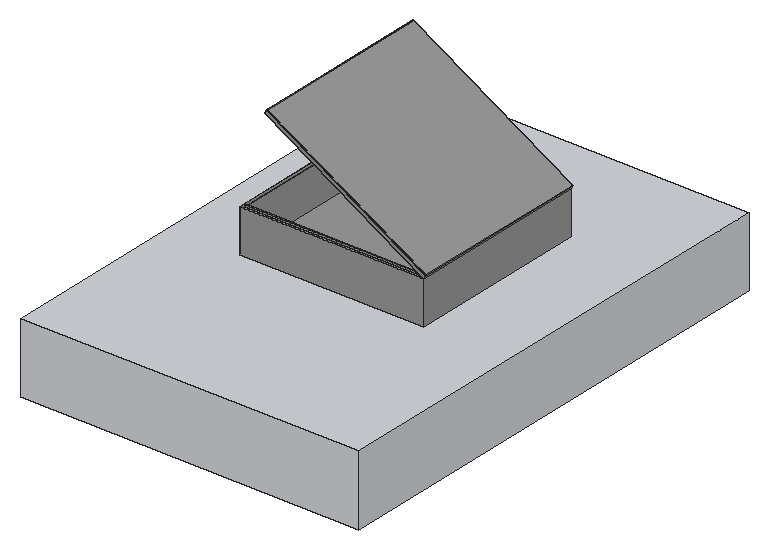
Revit family "Hager-Univers-IP44-D205-H800-Cl.I-Encl-CH-de", category Equipement électrique, Revit 2020
Family settings
  Hôte = Face
  Configuration du panneau = Deux colonnes, circuits au sein
  Cote de connecteur circulaire = Utiliser le diamètre
  Type d'élément = Tableau de raccordement
  Couper avec des vides une fois chargée = Non
  Partagée = Non
  Point de calcul de pièce = Non
Parameters (values of type "Aufputz IP44 B800 H800 T205  - FP53TN2")
  Width Control [instance] = if([EF000008 - Breite] > Min Width, [EF000008 - Breite], Min Width)  # 800 mm
  Commentaires du type = [HG000003 - Bereich]  # "Univers"
  Thickness Door [instance] = if([EF009171 - Materialstärke Tür/Deckel] > 3 mm, 3 mm, [EF009171 - Materialstärke Tür/Deckel])  # 1 mm
  Seal Frame Offset [instance] = 17 mm  # constant formula
  Plinth Visibility [instance] = [HG000027 - Sockelhöhe] > 0 mm  # no
  Model = ""
  Min Width [instance] = 100 mm  # constant formula
  Min Height [instance] = 100 mm  # constant formula
  Min Depth [instance] = (2 * [EF009170 - Materialstärke Gehäuse]) + 1 mm  # 3 mm
  Internal Frame Depth [instance] = (Door System Depth * 0.5)  # 9 mm
  Height Control [instance] = if([EF000040 - Höhe] > Min Height, [EF000040 - Höhe], Min Height)  # 800 mm
  HG000027 - Sockelhöhe = 0 mm
  HG000026 - Stehend auf dem Boden = no
  HG000024 - Höhe des unteren Teils = 800 mm
  HG000023 - Gehäuse mit doppeltem Querschnitt = no
  HG000016 - 3D-Türsichtbarkeit [instance] = yes
  HG000015 - Sichtbarkeit der Türöffnung [instance] = no
  HG000014 - Tür rechts [instance] = yes
  HG000013 - Tür links [instance] = not([HG000014 - Tür rechts])  # no
  HG000012 - Türschwenkwinkel [instance] = 30.00°
  HG000010 - Asymmetrische Türen = no
  HG000009 - Doppelflügeligen Tür = no
  HG000006 - Unterputz = no
  HG000004 - Herstellerreferenz = "FP53TN2"
  HG000003 - Bereich = "Univers"
  HG000002 - Mit tür = yes
  Frame Offset Bottom [instance] = 10 mm  # constant formula
  Frame Offset [instance] = 15 mm  # constant formula
  EF015940 - Deckel mit Überdruckentlastung = no
  EF011959 - Schutzart (NEMA) = ""
  EF009554 - Anzahl der Öffnungen für Flanschplatten = 6
  Fabricant = "Hager"  # constant formula
  EF009212 - Ausführung Deckel = "EV000116 - geschlossen"
  EF009171 - Materialstärke Tür/Deckel = 1 mm
  EF009170 - Materialstärke Gehäuse = 1 mm
  EF008873 - Nennstrom (In) = 250 A
  EF007800 - Geeignet für Blitzschutz = no
  EF006306 - Mit Schloss = no
  EF006244 - Transparenter Deckel/Tür = no
  EF005474 - Schutzart (IP) = "EV006418 - IP44"
  EF004464 - Art der Tür = "EV002646 - Einzel"
  EF004427 - Anzahl der Module = 180
  EF004293 - Schlagfestigkeit = "EV006815 - IK09"
  EF003532 - Geeignet für Außengebrauch = no
  EF002950 - Breite in Teilungseinheiten = 36
  EF001613 - Funktionserhalt = "EV000494 - ohne"
  EF001596 - Werkstoff des Gehäuses = "EV000179 - Stahl"
  EF001131 - Innentiefe = 205 mm
  EF001088 - Anbaumöglichkeit = yes
  EF000437 - Anzahl der Leitungseinführungen = 6
  EF000339 - Art der Abdeckung = "EV001012 - Deckel"
  EF000266 - Anzahl der Reihen = 5
  EF000218 - Einbautiefe = 205 mm
  EF000118 - Mit Montageplatte = no
  EF000116 - RAL-Nummer = "9010"
  EF000049 - Tiefe = 205 mm
  EF000040 - Höhe = 800 mm
  EF000008 - Breite = 800 mm
  EF000007 - Farbe = "EV000202 - weiß"
  EF000003 - Montageart = "EV000384 - Aufputz"
  Door System Leaf Tolerance [instance] = 1.5 mm  # constant formula
  Door System Depth [instance] = 18 mm  # constant formula
  Door Height [instance] = Height Control - [HG000027 - Sockelhöhe]  # 800 mm
  Depth Control [instance] = if([EF000049 - Tiefe] > Min Depth, [EF000049 - Tiefe], Min Depth)  # 205 mm
  Default Elevation = 0 mm
  Connector Offset [instance] = Height Control / 2  # 400 mm
  Bottom Top Plate Trim [instance] = 1.5 mm  # constant formula
  Plinth height Ctrl [instance] = if([HG000027 - Sockelhöhe] > 0 mm, [HG000027 - Sockelhöhe], 12 mm)  # 12 mm
Types (10, lengths in mm): name | Width Control | HG000010 - Asymmetrische Türen | HG000009 - Doppelflügeligen Tür | HG000004 - Herstellerreferenz | EF009554 - Anzahl der Öffnungen für Flanschplatten | EF004464 - Art der Tür | EF004427 - Anzahl der Module | EF002950 - Breite in Teilungseinheiten | EF000437 - Anzahl der Leitungseinführungen | EF000218 - Einbautiefe | EF000008 - Breite
  Aufputz IP44 B1050 H800 T205  - FP54QT | 1050 | no | no | "FP54QT" | 8 | "EV003602 - Doppel" | 240 | 48 | 8 | 0 | 1050
  Aufputz IP44 B1050 H800 T205  - FP54TN2 | 1050 | no | yes | "FP54TN2" | 8 | "EV003602 - Doppel" | 240 | 48 | 8 | 205 | 1050
  Aufputz IP44 B1300 H800 T205  - FP55QT | 1300 | no | no | "FP55QT" | 10 | "EV003602 - Doppel" | 300 | 60 | 10 | 0 | 1300
  Aufputz IP44 B1300 H800 T205  - FP55TN2 | 1300 | yes | yes | "FP55TN2" | 10 | "EV003602 - Doppel" | 300 | 60 | 10 | 205 | 1300
  Aufputz IP44 B300 H800 T205  - FP51QT | 300 | no | no | "FP51QT" | 2 | "EV002646 - Einzel" | 60 | 12 | 2 | 0 | 300
  Aufputz IP44 B300 H800 T205  - FP51TN2 | 300 | no | no | "FP51TN2" | 2 | "EV002646 - Einzel" | 60 | 12 | 2 | 205 | 300
  Aufputz IP44 B550 H800 T205  - FP52QT | 550 | no | no | "FP52QT" | 4 | "EV002646 - Einzel" | 120 | 24 | 4 | 0 | 550
  Aufputz IP44 B550 H800 T205  - FP52TN2 | 550 | no | no | "FP52TN2" | 4 | "EV002646 - Einzel" | 120 | 24 | 4 | 205 | 550
  Aufputz IP44 B800 H800 T205  - FP53QT | 800 | no | no | "FP53QT" | 6 | "EV002646 - Einzel" | 180 | 36 | 6 | 0 | 800
  Aufputz IP44 B800 H800 T205  - FP53TN2 | 800 | no | no | "FP53TN2" | 6 | "EV002646 - Einzel" | 180 | 36 | 6 | 205 | 800
Reference planes
  plane 1 "Center (Front/Back)": y = 0
  plane 2: z = 0
  plane 3 "Center (Left/Right)": x = 0
  plane 4: z = 205
  plane 5: y = 1
  plane 6: y = 400
  plane 7: y = 0
  plane 8: y = 800
  plane 9: z = 0
  plane 10: x = -385
  plane 11: x = 385
  plane 12: x = 384
  plane 13: x = -384
  plane 14: y = 799
  plane 15: x = -383
  plane 16: x = -400
  plane 17: x = 383
  plane 18: x = 400
  plane 19: x = 399
  plane 20: x = -399
  plane 21: y = 11
  plane 22: y = 800
  plane 23: y = 784
  plane 24: z = 187
  plane 25: z = 1
  plane 26: z = 186
  plane 27: z = 204
Forms (mm)
  Extrusion 1, solid
    sketch origin (0, 0, 0) x (1, 0, 0) y (0, 1, 0)
      loop
        line (-702.964, 1305) -> (-702.964, -811.445) -> (766.763, -811.445) -> (766.763, 1305) -> (-702.964, 1305)
    from 0 to -304.8
  Extrusion 2, solid, material "Hager_Steel_RAL7035_Light_Grey", visible <- "Plinth Visibility", detail levels medium+fine
    sketch origin (0, 0, 0) x (1, 0, 0) y (0, 1, 0)
      loop
        line (-400, 0) -> (400, 0) -> (400, 12) -> (-400, 12) -> (-400, 0)
    from 0 to 187
  Extrusion 3, solid, material "Hager_Steel_RAL7035_Light_Grey", detail levels medium+fine
    sketch origin (0, 0, 0) x (1, 0, 0) y (0, 1, 0)
      loop
        line (-400, 0) -> (400, 0) -> (400, 800) -> (-400, 800) -> (-400, 0)
    from 0 to 187
  Extrusion 4, void
    sketch origin (0, 0, 0) x (1, 0, 0) y (0, 1, 0)
      loop
        line (-399, 1) -> (399, 1) -> (399, 799) -> (-399, 799) -> (-399, 1)
    from 1 to 186
  Extrusion 5, void
    sketch origin (-381.607, -4572, 187) x (0, -1, 0) y (-1, 0, 0)
      loop
        line (-4583, 2.393) -> (-5356, 2.393) -> (-5356, -765.607) -> (-4583, -765.607) -> (-4583, 2.393)
    from 0 to 1 <- "EF009170 - Materialstärke Gehäuse"
  Extrusion 6, solid, material "Hager_Steel_RAL7035_Light_Grey", detail levels fine
    sketch origin (0, 0, 187) x (1, 0, 0) y (0, 1, 0)
      loop
        line (-384, 784) -> (-384, 11) -> (384, 11) -> (384, 784) -> (-384, 784)
      loop
        line (-385, 10) -> (385, 10) -> (385, 785) -> (-385, 785) -> (-385, 10)
    from 0 to 9 <- "Internal Frame Depth"
  Extrusion 7, solid, material "Hager_Steel_RAL7035_Light_Grey", detail levels coarse
    sketch origin (0, 0, 0) x (1, 0, 0) y (0, 1, 0)
      loop
        line (-400, 0) -> (400, 0) -> (400, 800) -> (-400, 800) -> (-400, 0)
    from 0 to 205
  Sweep 8, void
    path in 3D
      loop
        line (-400, 12, 0) -> (400, 12, 0) -> (400, 12, 187) -> (-400, 12, 187) -> (-400, 12, 0)
    profile origin (-400, 12, 93.5) x (-1, 0, 0) y (0, -1, 0)
      loop
        line (0, 0) -> (0, 1.5) -> (-1.5, 1.5)
        arc (-1.5, 1.5) -> (-1.061, 0.439) -> (0, 0) r 1.5
Cuts and joins
  Extrusion 4, Extrusion 5 cuts Extrusion 3
  Sweep 8 cuts Extrusion 2
Lines and regions (mm)
  Masking region 1
    outline origin (0, 0, 0) x (1, 0, 0) y (0, 0, 1)
      loop
        line (-400, 205) -> (-400, 0) -> (400, 0) -> (400, 205) -> (-400, 205)
  Masking region 2, detail levels medium+fine
    outline origin (0, 140, 0) x (0, 1, 0) y (0, 0, 1)
      loop
        line (-140, 0) -> (660, 0) -> (660, 187) -> (-140, 187) -> (-140, 0)
  Masking region 3, not visible, detail levels medium+fine
    outline origin (0, 297.922, 0) x (0, 1, 0) y (0, 0, 1)
      loop
        line (113.578, 0) -> (153.578, 0) -> (153.578, 194)
        arc (153.578, 194) -> (150.649, 201.071) -> (143.578, 204) r 10
        line (143.578, 204) -> (113.578, 204) -> (113.578, 0)
  Masking region 4, detail levels coarse
    outline origin (0, 0, 180) x (0, 1, 0) y (0, 0, 1)
      loop
        line (0, -180) -> (800, -180) -> (800, 25) -> (0, 25) -> (0, -180)
  Masking region 5, visible <- "Plinth Visibility", detail levels medium+fine
    outline origin (0, 52.24, 12.345) x (0, 0, -1) y (0, 1, 0)
      loop
        line (10.845, -40.24) -> (-173.155, -40.24)
        arc (-173.155, -40.24) -> (-173.594, -41.301) -> (-174.655, -41.74) r 1.5
        line (-174.655, -41.74) -> (-174.655, -52.24) -> (12.345, -52.24) -> (12.345, -41.74)
        arc (12.345, -41.74) -> (11.285, -41.301) -> (10.845, -40.24) r 1.5
  Masking region 6, detail levels medium+fine
    outline origin (-381.607, -4572, 187) x (-1, 0, 0) y (0, -1, 0)
      loop
        line (18.393, -5372) -> (18.393, -4572) -> (-781.607, -4572) -> (-781.607, -5372) -> (18.393, -5372)
  Masking region 7, visible <- "Plinth Visibility", detail levels medium+fine
    outline origin (-381.607, -4727, 187) x (-1, 0, 0) y (0, -1, 0)
      loop
        arc (16.893, -4739) -> (17.332, -4737.939) -> (18.393, -4737.5) r 1.5
        line (18.393, -4737.5) -> (18.393, -4727) -> (-781.607, -4727) -> (-781.607, -4737.5)
        arc (-781.607, -4737.5) -> (-780.546, -4737.939) -> (-780.107, -4739) r 1.5
        line (-780.107, -4739) -> (16.893, -4739)
  Masking region 8, detail levels coarse
    outline origin (-442.548, -4669.526, 187) x (-1, 0, 0) y (0, -1, 0)
      loop
        line (-42.548, -5469.526) -> (-42.548, -4669.526) -> (-842.548, -4669.526) -> (-842.548, -5469.526) -> (-42.548, -5469.526)
  sketch lines
    curve 1: line (-400, 12, 187) -> (-400, 12, 0)
    curve 2: line (400, 12, 187) -> (-400, 12, 187)
    curve 3: line (400, 12, 187) -> (400, 12, 0)
    curve 4: line (-400, 12, 0) -> (400, 12, 0)
Dimensions and locks
  "Depth Control": plane 4 to Extrusion 1
  "HG000027 - Sockelhöhe": plane 1 "Center (Front/Back)" to plane 7
  "EF009170 - Materialstärke Gehäuse": plane 5 to plane 7
  locked: connector elem to plane 3 "Center (Left/Right)"
  equal spacing: plane 8, plane 6, plane 7
  locked: connector elem to plane 6
  "EF009170 - Materialstärke Gehäuse": plane 8 to plane 14
  "EF009170 - Materialstärke Gehäuse": plane 10 to plane 13
  "EF009170 - Materialstärke Gehäuse": plane 12 to plane 11
  "Frame Offset": plane 20 to plane 13
  "Frame Offset": plane 12 to plane 19
  "EF009170 - Materialstärke Gehäuse": plane 16 to plane 20
  "EF009170 - Materialstärke Gehäuse": plane 19 to plane 18
  "Seal Frame Offset": plane 16 to plane 15
  "Seal Frame Offset": plane 17 to plane 18
  "Frame Offset Bottom": plane 21 to plane 5
  "Frame Offset": plane 14 to plane 23
  equal spacing: plane 16, plane 3 "Center (Left/Right)", plane 18
  "Width Control": plane 16 to plane 18
  "EF009170 - Materialstärke Gehäuse": plane 4 to plane 27
  "EF009170 - Materialstärke Gehäuse": plane 24 to plane 26
  "EF009170 - Materialstärke Gehäuse": plane 25 to level
  "Door System Depth": plane 4 to plane 24
  "Height Control": plane 1 "Center (Front/Back)" to Extrusion 7 sketch curve
  "Height Control": Masking region 4 sketch curve to plane 1 "Center (Front/Back)"
  "Height Control": plane 1 "Center (Front/Back)" to plane 22
  "Bottom Top Plate Trim": profile plane to Sweep 8 sketch curve
  "Bottom Top Plate Trim": Sweep 8 sketch curve to profile plane
  "Plinth height Ctrl": plane 1 "Center (Front/Back)" to Extrusion 2 sketch curve
  "Plinth height Ctrl": Masking region 5 sketch curve to plane 1 "Center (Front/Back)"
  "Plinth height Ctrl": plane 1 "Center (Front/Back)" to Masking region 7 sketch curve
  "Thickness Door": Extrusion 6 sketch curve to Extrusion 6 sketch curve  (x3)
  "Thickness Door": cut or joined group of Extrusion 3, Extrusion 4, Extrusion 5 to Extrusion 6 sketch curve
  radius of Masking region 3 sketch curve = 10 mm
  "Bottom Top Plate Trim": radius of Masking region 5 sketch curve  (x2)
  "Bottom Top Plate Trim": radius of Sweep 8 sketch curve
  "Bottom Top Plate Trim": radius of Masking region 7 sketch curve  (x2)
  aligned and locked: plane 2 to Extrusion 1
  aligned and locked: level to Extrusion 1
  aligned and locked: level to Masking region 1 sketch curve
  aligned and locked: Masking region 1 sketch curve to plane 18
  aligned and locked: Masking region 1 sketch curve to plane 16
  aligned and locked: plane 7 to Masking region 2 sketch curve
  aligned and locked: level to Masking region 3 sketch curve
  aligned and locked: Masking region 3 sketch curve to plane 27
  aligned and locked: level to Masking region 2 sketch curve
  aligned and locked: plane 1 "Center (Front/Back)" to Extrusion 2 sketch curve
  aligned and locked: Extrusion 3 sketch curve to plane 7
  aligned and locked: plane 16 to Extrusion 3 sketch curve
  aligned and locked: plane 18 to Extrusion 3 sketch curve
  aligned and locked: plane 20 to Extrusion 4 sketch curve
  aligned and locked: plane 19 to Extrusion 4 sketch curve
  aligned and locked: Extrusion 4 sketch curve to plane 5
  aligned and locked: Extrusion 4 to plane 25
  aligned and locked: plane 26 to Extrusion 4
  aligned and locked: plane 24 to Extrusion 3
  aligned and locked: Extrusion 5 sketch curve to plane 21
  aligned and locked: Extrusion 5 sketch curve to plane 13
  aligned and locked: Extrusion 5 sketch curve to plane 12
  aligned and locked: plane 18 to Extrusion 7 sketch curve
  aligned and locked: plane 1 "Center (Front/Back)" to Extrusion 7 sketch curve
  aligned and locked: plane 16 to Extrusion 7 sketch curve
  aligned and locked: plane 4 to Extrusion 7
  aligned and locked: Extrusion 7 to level
  aligned and locked: level to Masking region 4 sketch curve
  aligned and locked: Masking region 4 sketch curve to plane 1 "Center (Front/Back)"
  aligned and locked: Masking region 4 sketch curve to plane 4
  aligned and locked: nested 1 to level
  aligned and locked: nested 1 to plane 16
  aligned and locked: plane 8 to Extrusion 3 sketch curve
  aligned and locked: plane 23 to Extrusion 5 sketch curve
  aligned and locked: plane 14 to Extrusion 4 sketch curve
  aligned and locked: Masking region 2 sketch curve to plane 8
  aligned and locked: level to Masking region 5 sketch curve
  aligned and locked: plane 16 to Extrusion 2 sketch curve
  aligned and locked: plane 18 to Extrusion 2 sketch curve
  aligned and locked: Masking region 5 sketch curve to plane 24
  aligned and locked: Masking region 2 sketch curve to plane 24
  aligned and locked: plane 24 to Extrusion 2
  aligned and locked: profile plane to Sweep 8 sketch curve  (x2)
  aligned and locked: Masking region 6 sketch curve to plane 18
  aligned and locked: Masking region 6 sketch curve to plane 22
  aligned and locked: Masking region 6 sketch curve to plane 16
  aligned and locked: plane 8 to plane 22
  aligned and locked: Masking region 6 sketch curve to plane 7
  aligned and locked: Masking region 7 sketch curve to plane 16
  aligned and locked: Masking region 7 sketch curve to plane 1 "Center (Front/Back)"
  aligned and locked: Masking region 7 sketch curve to plane 18
  aligned and locked: Masking region 8 sketch curve to plane 1 "Center (Front/Back)"
  aligned and locked: Masking region 8 sketch curve to plane 18
  aligned and locked: Masking region 8 sketch curve to plane 22
  aligned and locked: Masking region 8 sketch curve to plane 16
  aligned and locked: nested 2 to plane 7
  aligned and locked: plane 3 "Center (Left/Right)" to nested 2
  aligned and locked: nested 2 to plane 24
  aligned and locked: Extrusion 6 sketch curve to cut or joined group of Extrusion 3, Extrusion 4, Extrusion 5  (x4)
Automatic sketch dimensions
  Extrusion 1 sketch curve to Extrusion 1 sketch curve = 1469.727 mm
  Extrusion 1 sketch curve to Extrusion 1 sketch curve = 2116.445 mm
  Masking region 1 sketch curve to plane 4 = 0 mm
  plane 6 to Masking region 3 sketch curve = 11.5 mm
  Masking region 3 sketch curve to Masking region 3 sketch curve = 30 mm
  Masking region 5 sketch curve to plane 1 "Center (Front/Back)" = 0 mm
Nested families
  nested 1: "Hager_Enclosure_Symbol" at (-400, 0, 0) x (1, 0, 0) z (0, -1, 0), Height <- "Depth Control", Width <- "Width Control", type "Hager_Enclosure_Symbol"
    with Width_Ctrl 800 mm, Width 800 mm, Height_Ctrl 205 mm, Height 205 mm, A_Width_Int 13.453 mm, A_Width 161.438 mm, A_Height_Ctrl 179.375 mm, A_Height 179.375 mm
  nested 2: "EC000058_Univers_Door" at (0, 0, 187) x (1, 0, 0) z (0, 1, 0), Leaf_Tolerance <- "Door System Leaf Tolerance", Angle <- "HG000012 - Türschwenkwinkel", Door_Depth <- "Door System Depth", Door_Left <- "HG000013 - Tür links", Transparent <- "EF006244 - Transparenter Deckel/Tür", Assymetrical <- "HG000010 - Asymmetrische Türen", Width <- "Width Control", Clearance <- "HG000015 - Sichtbarkeit der Türöffnung", Double <- "HG000009 - Doppelflügeligen Tür", 3d_Door <- "HG000016 - 3D-Türsichtbarkeit", Lock_Visibility <- "EF006306 - Mit Schloss", Width_Ctrl <- "Width Control", Door_Right <- "HG000014 - Tür rechts", Door <- "HG000002 - Mit tür", Height <- "Door Height", Thickness <- "Thickness Door", type "EC000058_Univers_Door", detail levels medium+fine
    with min_wh 3 mm, Width_Ctrl 800 mm, Width 800 mm, Transparent no, Thickness 1 mm, Seal_Material Hager_Rubber, Lock_Visibility no, Lock_Material Hager_Plastic_RAL9005_Jet_Black, Leaf_Width 800 mm, Leaf_Tolerance_External_Sides 0 mm, Leaf_Tolerance 1.5 mm, Leaf_Offset 0 mm, Leaf_Height 797 mm, Leaf_2_Width 800 mm, Leaf_2_Offset 400 mm, Leaf_1_Width 800 mm, Leaf_1_Offset 400 mm, Height_Ctrl 800 mm, Height 800 mm, Glass_Material Hager_Glass, Double_Clearance_Ctrl no, Double no, Door_Right_Ctrl yes, Door_Right yes, Door_Material Hager_Steel_RAL7035_Light_Grey, Door_Left_Ctrl no, Door_Left no, Door_Depth 18 mm, Door yes, Clearance_Material Hager_Clearance, Clearance_Depth 800 mm, Clearance_Ctrl no, Clearance no, Assymetrical no, Angle 30.00°, 3d_Door yes
Connectors
  electrical at (0, 400, 0)
    settings: on plane 9, index 1, voltage 0 V, apparent load 0 VA, apparent load phase1 0 VA, apparent load phase2 0 VA, apparent load phase3 0 VA, power factor 1, load classification "Other", number of poles 1, system type 30, power factor state 1, is connector primary yes, connector utility no, sub classification motor no, connector description ""
Definition of nested family "EC000058_Univers_Door"
  Parameters (values of type "EC000058_Univers_Door")
    min_wh [instance] = (2 * Thickness) + 1 mm  # 11 mm
    Width_Ctrl [instance] = 400 mm
    Width [instance] = 500 mm
    Transparent [instance] = yes
    Thickness [instance] = 5 mm
    Seal_Material [instance] = none
    Lock_Visibility [instance] = yes
    Lock_Material [instance] = none
    Leaf_Width [instance] = if((Width_Ctrl - 2 * Leaf_Tolerance_External_Sides) > 0 mm, (Width_Ctrl - 2 * Leaf_Tolerance_External_Sides), min_wh)  # 400 mm
    Leaf_Tolerance_External_Sides [instance] = 0 mm  # constant formula
    Leaf_Tolerance [instance] = 1.5 mm
    Leaf_Offset [instance] = 0 mm  # constant formula
    Leaf_Height [instance] = if((Height_Ctrl - 2 * Leaf_Tolerance) > 0 mm, (Height_Ctrl - 2 * Leaf_Tolerance), min_wh)  # 497 mm
    Leaf_2_Width [instance] = if(and(and(Double, Assymetrical), Door_Left), (Leaf_Width / 3) - (Leaf_Tolerance / 2), if(and(and(Double, Assymetrical), Door_Right), (Leaf_Width / 3) * 2 - (Leaf_Tolerance / 2), if(and(Double, not(Assymetrical)), (Leaf_Width / 2) - Leaf_Tolerance, Leaf_Width)))  # 400 mm
    Leaf_2_Offset [instance] = if(and(Double, Assymetrical), Leaf_2_Width / 2, if(and(Double, not(Assymetrical)), Leaf_Width / 4, Leaf_Width / 2))  # 200 mm
    Leaf_1_Width [instance] = if(and(and(Double, Assymetrical), Door_Right), (Leaf_Width / 3) - (Leaf_Tolerance / 2), if(and(and(Double, Assymetrical), Door_Left), (Width / 3) * 2 - (Leaf_Tolerance / 2), if(and(Double, not(Assymetrical)), (Leaf_Width / 2) - Leaf_Tolerance, Leaf_Width)))  # 400 mm
    Leaf_1_Offset [instance] = if(and(Double, Assymetrical), Leaf_1_Width / 2, if(and(Double, not(Assymetrical)), Leaf_Width / 4, Leaf_Width / 2))  # 200 mm
    Height_Ctrl [instance] = if(Height > min_wh, Height, min_wh)  # 500 mm
    Height [instance] = 500 mm
    Glass_Material [instance] = none
    Double_Clearance_Ctrl [instance] = and(Double, Clearance)  # no
    Double [instance] = no
    Door_Right_Ctrl [instance] = and(or(Door_Right, Double), Door)  # yes
    Door_Right [instance] = yes
    Door_Material [instance] = none
    Door_Left_Ctrl [instance] = and(or(Door_Left, Double), Door)  # no
    Door_Left [instance] = no
    Door_Depth [instance] = 30 mm
    Door [instance] = yes
    Default Elevation = 1219.2 mm
    Clearance_Material [instance] = none
    Clearance_Depth [instance] = if(Leaf_1_Width > Leaf_2_Width, Leaf_1_Width, Leaf_2_Width)  # 400 mm
    Clearance_Ctrl [instance] = and(not(Double), Clearance)  # yes
    Clearance [instance] = yes
    Assymetrical [instance] = yes
    Angle [instance] = 30.00°
    3d_Door [instance] = yes
  Reference planes
    plane 1 "Center (Front/Back)": y = 0
    plane 2 "Bottom": z = 0
    plane 3 "Center (Left/Right)": x = 0
    plane 4: z = 500
    plane 5: x = -200
    plane 6: x = 200
    plane 7: z = 500
    plane 8: x = -200
    plane 9: z = 0
    plane 10: x = 200
    plane 11: y = 0
    plane 12: z = 1.5
    plane 13: x = -600
    plane 14: y = -400
    plane 15: x = 600
    plane 16: x = 0
    plane 17: x = 0
    plane 18: x = -200
    plane 19: x = 200
    plane 20: z = 498.5
  Forms (mm)
    Extrusion 1, solid, material <- "Clearance_Material", visible <- "Double_Clearance_Ctrl"
      sketch origin (1200, 0, 0) x (1, 0, 0) y (0, 0, -1)
        loop
          line (-1800, -498.5) -> (-600, -498.5) -> (-600, 0) -> (-1800, 0) -> (-1800, -498.5)
      from 0 to -400
  Dimensions and locks
    equal spacing: plane 5, plane 3 "Center (Left/Right)", plane 6
    "Width_Ctrl": plane 5 to plane 6
    "Leaf_Offset": plane 5 to plane 8
    "Leaf_Offset": plane 6 to plane 10
    "Leaf_Offset": plane 9 to level
    "Leaf_Offset": plane 4 to plane 7
    "Height_Ctrl": plane 4 to level
    "Leaf_Tolerance": plane 12 to plane 9
    locked: plane 11 to plane 1 "Center (Front/Back)"
    "Leaf_1_Offset": plane 18 to plane 16
    "Leaf_2_Offset": plane 17 to plane 19
    "Leaf_1_Width": plane 13 to plane 8
    "Leaf_2_Width": plane 10 to plane 15
    "Clearance_Depth": plane 14 to plane 1 "Center (Front/Back)"
    "Leaf_Tolerance_External_Sides": plane 8 to plane 18
    "Leaf_Tolerance_External_Sides": plane 19 to plane 10
    "Leaf_Tolerance": plane 7 to plane 20
    aligned and locked: level to plane 2 "Bottom"
    aligned and locked: nested 1 to plane 16
    aligned and locked: nested 2 to plane 17
    aligned and locked: Extrusion 1 to plane 13
    aligned and locked: plane 15 to Extrusion 1
    aligned and locked: Extrusion 1 to plane 14
    aligned and locked: plane 12 to nested 1
    aligned and locked: nested 2 to plane 12
    aligned and locked: Extrusion 1 to plane 11
    aligned and locked: plane 20 to Extrusion 1
    aligned and locked: nested 2 to plane 11
    aligned and locked: nested 1 to plane 11
  Automatic sketch dimensions
    Extrusion 1 sketch curve to level = 0 mm
    plane 5 to Extrusion 1 sketch curve = 400 mm
    plane 6 to Extrusion 1 sketch curve = 400 mm
    Extrusion 1 sketch curve to plane 4 = 1.5 mm
  Nested families
    nested 1: "EC000058_Univers_Door_Leaf" at (0, 0, 1.5), Width <- "Leaf_1_Width", visible <- "Door_Left_Ctrl", Leaf_Height <- "Leaf_Height", Angle <- "Angle", 3d_Door <- "3d_Door", Transparent <- "Transparent", Clearance Material <- "Clearance_Material", Clearance <- "Clearance_Ctrl", Door_Material <- "Door_Material", Glass_Material <- "Glass_Material", Door_Depth <- "Door_Depth", Lock_Material <- "Lock_Material", Seal_Material <- "Seal_Material", Lock_Visibility <- "Lock_Visibility", Thickness <- "Thickness", type "EC000058_Univers_Door_Leaf"
      with Width 400 mm, Transparent_Glass_Offset 30 mm, Transparent_Ctrl yes, Transparent yes, Thickness 5 mm, Standard no, Seal_Material none, Seal_D2 8 mm, Seal_D1 1 mm, Offset_Internal_Frame 10 mm, Lock_Width 20 mm, Lock_Visibility_3d yes, Lock_Visibility yes, Lock_Thickness_3 3 mm, Lock_Thickness_2 1 mm, Lock_Thickness_1 3 mm, Lock_Radius_Offset_2 16 mm, Lock_Radius_Offset_1 15 mm, Lock_Radius_2 5 mm, Lock_Radius 6 mm, Lock_Offset 5 mm, Lock_Material none, Lock_Height 80 mm, Lock_Cover_Top_Offset_2d 17 mm, Lock_Cover_Height -65 mm, Leaf_Height 497 mm, Internal_Seal_Thickness 8 mm, Internal_Seal_Depth_2 4.5 mm, Internal_Frame_Depth 25 mm, Glass_Thickness -1 mm, Glass_Offset -2 mm, Glass_Material none, Door_Material none, Door_Depth 30 mm, Clearance Material none, Clearance yes, Angle_Ctrl 30.00°, Angle 30.00°, 3d_Door yes
    nested 2: "EC000058_Univers_Door_Leaf" at (0, 0, 1.5) x (-1, 0, 0) z (0, 0, 1), Width <- "Leaf_2_Width", visible <- "Door_Right_Ctrl", Leaf_Height <- "Leaf_Height", Angle <- "Angle", 3d_Door <- "3d_Door", Transparent <- "Transparent", Clearance Material <- "Clearance_Material", Clearance <- "Clearance_Ctrl", Door_Material <- "Door_Material", Glass_Material <- "Glass_Material", Door_Depth <- "Door_Depth", Lock_Material <- "Lock_Material", Seal_Material <- "Seal_Material", Lock_Visibility <- "Lock_Visibility", Thickness <- "Thickness", type "EC000058_Univers_Door_Leaf"
      with Width 400 mm, Transparent_Glass_Offset 30 mm, Transparent_Ctrl yes, Transparent yes, Thickness 5 mm, Standard no, Seal_Material none, Seal_D2 8 mm, Seal_D1 1 mm, Offset_Internal_Frame 10 mm, Lock_Width 20 mm, Lock_Visibility_3d yes, Lock_Visibility yes, Lock_Thickness_3 3 mm, Lock_Thickness_2 1 mm, Lock_Thickness_1 3 mm, Lock_Radius_Offset_2 16 mm, Lock_Radius_Offset_1 15 mm, Lock_Radius_2 5 mm, Lock_Radius 6 mm, Lock_Offset 5 mm, Lock_Material none, Lock_Height 80 mm, Lock_Cover_Top_Offset_2d 17 mm, Lock_Cover_Height -65 mm, Leaf_Height 497 mm, Internal_Seal_Thickness 8 mm, Internal_Seal_Depth_2 4.5 mm, Internal_Frame_Depth 25 mm, Glass_Thickness -1 mm, Glass_Offset -2 mm, Glass_Material none, Door_Material none, Door_Depth 30 mm, Clearance Material none, Clearance yes, Angle_Ctrl 30.00°, Angle 30.00°, 3d_Door yes
  Definition of nested family "EC000058_Univers_Door_Leaf"
    Parameters (values of type "EC000058_Univers_Door_Leaf")
      Width [instance] = 2000 mm
      Transparent_Glass_Offset [instance] = 30 mm
      Transparent_Ctrl [instance] = and(Transparent, [3d_Door])  # yes
      Transparent [instance] = yes
      Thickness [instance] = 5 mm
      Standard [instance] = and(not(Transparent), [3d_Door])  # no
      Seal_Material [instance] = none
      Seal_D2 [instance] = 8 mm  # constant formula
      Seal_D1 [instance] = 1 mm  # constant formula
      Offset_Internal_Frame [instance] = 10 mm  # constant formula
      Lock_Width [instance] = 20 mm  # constant formula
      Lock_Visibility_3d [instance] = and(Lock_Visibility, [3d_Door])  # yes
      Lock_Visibility [instance] = yes
      Lock_Thickness_3 [instance] = 3 mm  # constant formula
      Lock_Thickness_2 [instance] = 1 mm  # constant formula
      Lock_Thickness_1 [instance] = 3 mm  # constant formula
      Lock_Radius_Offset_2 [instance] = Lock_Radius_Offset_1 + 1 mm  # 16 mm
      Lock_Radius_Offset_1 [instance] = 15 mm  # constant formula
      Lock_Radius_2 [instance] = Lock_Radius - 1 mm  # 5 mm
      Lock_Radius [instance] = 6 mm  # constant formula
      Lock_Offset [instance] = 5 mm  # constant formula
      Lock_Material [instance] = none
      Lock_Height [instance] = 80 mm  # constant formula
      Lock_Cover_Top_Offset_2d [instance] = Lock_Radius_Offset_2 + 1 mm  # 17 mm
      Lock_Cover_Height [instance] = -(Lock_Height - Lock_Radius_Offset_1)  # -65 mm
      Leaf_Height [instance] = 2720.336 mm
      Internal_Seal_Thickness [instance] = 8 mm  # constant formula
      Internal_Seal_Depth_2 [instance] = 4.5 mm  # constant formula
      Internal_Frame_Depth [instance] = if(Door_Depth - Thickness > 5 mm, Door_Depth - Thickness, 5 mm)  # 25 mm
      Glass_Thickness [instance] = if(Thickness > 15 mm, Glass_Offset + 10 mm, -1 mm)  # -1 mm
      Glass_Offset [instance] = if(Thickness > 15 mm, -(Thickness + 10 mm) / 2, -2 mm)  # -2 mm
      Glass_Material [instance] = none
      Door_Material [instance] = none
      Door_Depth [instance] = 30 mm
      Default Elevation = 0 mm
      Clearance Material [instance] = none
      Clearance [instance] = yes
      Angle_Ctrl [instance] = if(Angle > 180.00°, 180.00°, Angle)  # 90.00°
      Angle [instance] = 90.00°
      3d_Door [instance] = yes
    Reference planes
      plane 1 "Center (Front/Back)": y = 0
      plane 2: z = 0
      plane 3 "Center (Left/Right)": x = 0
      plane 4: y = 2000
      plane 5: x = -1000
      plane 6: x = 1000
      plane 7: x = -3000
      plane 8: z = 2720.336
      plane 9: z = 30
      plane 10: z = 2690.336
      plane 11: x = 970
      plane 12: x = -970
      plane 13: y = -3
      plane 14: z = 107.833
      plane 15: y = -5
      plane 16: y = -223.314
      plane 17: x = -1000
      plane 18: z = 1360.168
      plane 19: y = 30
    Forms (mm)
      Extrusion 1, solid, material <- "Clearance Material", visible <- "Clearance"
        sketch origin (0, 0, 0) x (1, 0, 0) y (0, 0, 1)
          loop
            line (-3000, 2720.336) -> (-3000, 0) -> (1000, 0) -> (1000, 2720.336) -> (-3000, 2720.336)
        from 0 to -2000
      Extrusion 2, solid, material <- "Door_Material", visible <- "Standard", detail levels medium+fine
        sketch origin (-1000, 0, 0) x (0, 1, 0) y (-1, 0, 0)
          loop
            line (0, 30) -> (0, 25) -> (2000, 25) -> (2000, 30) -> (0, 30)
        from 0 to 2720.336 <- "Leaf_Height"
      Extrusion 3, solid, material <- "Door_Material", visible <- "Transparent_Ctrl", detail levels medium+fine
        sketch origin (-1000, 0, 0) x (0, 1, 0) y (-1, 0, 0)
          loop
            line (0, 25) -> (2000, 25) -> (2000, 30) -> (0, 30) -> (0, 25)
        from 0 to 2720.336 <- "Leaf_Height"
      Extrusion 4, void
        sketch origin (-1025, 2000, 0) x (0, 1, 0) y (0, 0, -1)
          loop
            line (-30, -2690.336) -> (-30, -30) -> (-1970, -30) -> (-1970, -2690.336) -> (-30, -2690.336)
        from 0 to 5 <- "Thickness"
      Sweep 5, solid, material <- "Seal_Material", visible <- "Transparent_Ctrl", detail levels fine
        path in 3D
          loop
            line (-1025, 30, 30) -> (-1025, 30, 2690.336) -> (-1025, 1970, 2690.336) -> (-1025, 1970, 30) -> (-1025, 30, 30)
        profile origin (-1025, 1000, 30) x (1, 0, 0) y (0, 0, 1)
          loop
            line (0, 0) -> (0, -8) -> (1, -8) -> (1, 0) -> (0, 0)
      Extrusion 6, solid, material <- "Glass_Material", visible <- "Transparent_Ctrl", detail levels medium+fine
        sketch origin (-1030, 0, 0) x (0, 1, 0) y (0, 0, -1)
          loop
            line (1970, -2690.336) -> (1970, -30) -> (30, -30) -> (30, -2690.336) -> (1970, -2690.336)
        from -2 <- "Glass_Offset" to -1 <- "Glass_Thickness"
      Extrusion 7, solid, material <- "Door_Material", visible <- "3d_Door", detail levels medium+fine
        sketch origin (-1025, 2000, 0) x (0, -1, 0) y (0, 0, -1)
          loop
            line (0, -2720.336) -> (2000, -2720.336) -> (2000, 0) -> (0, 0) -> (0, -2720.336)
          loop
            line (1995, -5) -> (5, -5) -> (5, -2715.336) -> (1995, -2715.336) -> (1995, -5)
        from 0 to 25 <- "Internal_Frame_Depth"
      Sweep 8, solid, material <- "Seal_Material", visible <- "Transparent_Ctrl", detail levels fine
        path in 3D
          loop
            line (-1025, 0, 0) -> (-1025, 2000, 0) -> (-1025, 2000, 2720.336) -> (-1025, 0, 2720.336) -> (-1025, 0, 0)
        profile origin (-1025, 0, 1360.168) x (1, 0, 0) y (0, 1, 0)
          loop
            line (0, 10) -> (2.975, 10)
            arc (2.975, 10) -> (4.053, 10.447) -> (4.5, 11.525) r 1.525
            line (4.5, 11.525) -> (4.5, 16.527)
            arc (4.5, 16.527) -> (4.069, 17.569) -> (3.027, 18) r 1.473
            line (3.027, 18) -> (0, 18) -> (0, 10)
      Extrusion 9, solid, material <- "Lock_Material", visible <- "Lock_Visibility_3d", detail levels fine
        sketch origin (-1030, 0, 0) x (0, 1, 0) y (0, 0, -1)
          loop
            arc (1993.5, -1400.168) -> (1994.561, -1399.729) -> (1995, -1398.668) r 1.5
            line (1995, -1398.668) -> (1995, -1320.168) -> (1975, -1320.168) -> (1975, -1398.668)
            arc (1975, -1398.668) -> (1975.439, -1399.729) -> (1976.5, -1400.168) r 1.5
            line (1976.5, -1400.168) -> (1993.5, -1400.168)
        from 3 <- "Lock_Thickness_1" to 0
      Blend 10, solid, material <- "Lock_Material", visible <- "Lock_Visibility_3d", detail levels fine
        base sketch origin (-1033, 0, 0) x (0, 1, 0) y (0, 0, -1)
          loop
            line (1975, -1320.168) -> (1975, -1398.668)
            arc (1975, -1398.668) -> (1975.439, -1399.729) -> (1976.5, -1400.168) r 1.5
            line (1976.5, -1400.168) -> (1993.5, -1400.168)
            arc (1993.5, -1400.168) -> (1994.561, -1399.729) -> (1995, -1398.668) r 1.5
            line (1995, -1398.668) -> (1995, -1320.168) -> (1975, -1320.168)
        top sketch origin (-1033, 0, 0) x (0, 1, 0) y (0, 0, -1)
          loop
            line (1976, -1320.168) -> (1976, -1398.668)
            arc (1976, -1398.668) -> (1976.146, -1399.022) -> (1976.5, -1399.168) r 0.5
            line (1976.5, -1399.168) -> (1993.5, -1399.168)
            arc (1993.5, -1399.168) -> (1993.854, -1399.022) -> (1994, -1398.668) r 0.5
            line (1994, -1398.668) -> (1994, -1320.168) -> (1976, -1320.168)
        from 0 to 1 <- "Lock_Thickness_2"
      Blend 11, solid, material <- "Lock_Material", visible <- "Lock_Visibility_3d", detail levels fine
        base sketch origin (-1034, 0, 0) x (0, 1, 0) y (0, 0, -1)
          loop
            line (1978, -1320.168) -> (1978, -1384.168)
            arc (1978, -1384.168) -> (1985, -1391.168) -> (1992, -1384.168) r 7
            line (1992, -1384.168) -> (1992, -1320.168) -> (1978, -1320.168)
        top sketch origin (-1034, 0, 0) x (0, 1, 0) y (0, 0, -1)
          loop
            line (1991, -1320.168) -> (1979, -1320.168) -> (1979, -1383.168)
            arc (1979, -1383.168) -> (1985, -1389.168) -> (1991, -1383.168) r 6
            line (1991, -1383.168) -> (1991, -1320.168)
        from 0 to 3 <- "Lock_Thickness_3"
      Extrusion 12, solid, material <- "Lock_Material", visible <- "Lock_Visibility_3d", detail levels fine
        sketch origin (-1030, 1975, 1320.168) x (1, 0, 0) y (0, -1, 0)
          loop
            line (-7, -19) -> (-7, -1) -> (0, -1) -> (0, 0) -> (-8, 0) -> (-8, -20) -> (0, -20) -> (0, -19) -> (-7, -19)
        from 0 to -65 <- "Lock_Cover_Height"
      Extrusion 13, void
        sketch origin (-1038, 1995, 1320.168) x (-1, 0, 0) y (0, 0, -1)
          loop
            line (-5, -65) -> (0, -65) -> (-5, -60) -> (-5, -65)
        from 0 to 20 <- "Lock_Width"
      Extrusion 14, void
        sketch origin (-1038, 1975, 1320.168) x (0, -1, 0) y (0, 0, -1)
          loop
            circle (-10, -15.995) r 6
          loop
            circle (-10, -15.995) r 5
        from 0 to 2
      Extrusion 15, solid, material <- "Lock_Material", visible <- "Lock_Visibility_3d", detail levels medium
        sketch origin (-1030, 0, 0) x (0, 1, 0) y (0, 0, -1)
          loop
            arc (1993.5, -1400.168) -> (1994.561, -1399.729) -> (1995, -1398.668) r 1.5
            line (1995, -1398.668) -> (1995, -1320.168) -> (1975, -1320.168) -> (1975, -1398.668)
            arc (1975, -1398.668) -> (1975.439, -1399.729) -> (1976.5, -1400.168) r 1.5
            line (1976.5, -1400.168) -> (1993.5, -1400.168)
        from 8 to 0
    Cuts and joins
      Extrusion 4 cuts Extrusion 3
      Extrusion 13, Extrusion 14 cuts Extrusion 9
      Extrusion 14 cuts Blend 11
      Extrusion 13, Extrusion 14 cuts Extrusion 12
      joined: Extrusion 9, Blend 10, Blend 11, Extrusion 12
      Extrusion 14 cuts Extrusion 15
    Lines and regions (mm)
      Masking region 1, visible <- "Lock_Visibility", detail levels fine
        outline origin (0, 0, 0) x (0, 1, 0) y (0, 0, 1)
          loop
            line (30, 1320.168) -> (33, 1320.168) -> (33, 1400.168) -> (30, 1400.168) -> (30, 1320.168)
      Masking region 2, visible <- "Lock_Visibility", detail levels fine
        outline origin (0, 3.143, 0) x (0, 1, 0) y (0, 0, 1)
          loop
            line (29.857, 1354.168) -> (30.857, 1354.168) -> (30.857, 1366.168) -> (29.857, 1366.168) -> (29.857, 1354.168)
      Masking region 3, detail levels medium+fine
        outline origin (0, 0, 0) x (0, 1, 0) y (0, 0, 1)
          loop
            line (0, 0) -> (30, 0) -> (30, 2720.336) -> (0, 2720.336) -> (0, 0)
      Masking region 4, detail levels medium+fine
        outline origin (0, 0, 0) x (1, 0, 0) y (0, 0, 1)
          loop
            line (-1000, 2720.336) -> (-1000, 0) -> (1000, 0) -> (1000, 2720.336) -> (-1000, 2720.336)
      Masking region 5, visible <- "Lock_Visibility", detail levels fine
        outline origin (-47.116, 0, 0) x (1, 0, 0) y (0, 0, 1)
          loop
            arc (1024.616, 1399.168) -> (1023.556, 1398.729) -> (1023.116, 1397.668) r 1.5
            line (1023.116, 1397.668) -> (1023.116, 1320.168) -> (1041.116, 1320.168) -> (1041.116, 1397.668)
            arc (1041.116, 1397.668) -> (1040.677, 1398.729) -> (1039.616, 1399.168) r 1.5
            line (1039.616, 1399.168) -> (1024.616, 1399.168)
      Masking region 6, visible <- "Lock_Visibility", detail levels medium+fine
        outline origin (-25, 0, 0) x (1, 0, 0) y (0, 0, 1)
          loop
            arc (1001.5, 1400.168) -> (1000.439, 1399.729) -> (1000, 1398.668) r 1.5
            line (1000, 1398.668) -> (1000, 1320.168) -> (1020, 1320.168) -> (1020, 1398.668)
            arc (1020, 1398.668) -> (1019.561, 1399.729) -> (1018.5, 1400.168) r 1.5
            line (1018.5, 1400.168) -> (1001.5, 1400.168)
      Masking region 7, visible <- "Lock_Visibility", detail levels fine
        outline origin (-73.735, 0, 0) x (1, 0, 0) y (0, 0, 1)
          loop
            line (1051.735, 1382.168) -> (1065.735, 1382.168) -> (1065.735, 1384.168)
            arc (1065.735, 1384.168) -> (1058.735, 1391.168) -> (1051.735, 1384.168) r 7
            line (1051.735, 1384.168) -> (1051.735, 1382.168)
      Masking region 8, visible <- "Lock_Visibility", detail levels fine
        outline origin (-73.735, 0, 0) x (1, 0, 0) y (0, 0, 1)
          loop
            line (1052.735, 1382.168) -> (1064.735, 1382.168) -> (1064.735, 1383.168)
            arc (1064.735, 1383.168) -> (1058.735, 1389.168) -> (1052.735, 1383.168) r 6
            line (1052.735, 1383.168) -> (1052.735, 1382.168)
      Masking region 9, visible <- "Lock_Visibility", detail levels fine
        outline origin (-25, 0, 0) x (1, 0, 0) y (0, 0, 1)
          loop
            line (1020, 1320.168) -> (1020, 1382.168) -> (1000, 1382.168) -> (1000, 1320.168) -> (1020, 1320.168)
      Masking region 10, detail levels medium+fine
        outline origin (0, 0, 0) x (1, 0, 0) y (0, 0, 1)
          loop
            circle (985, 1335.144) r 6
      Masking region 11, detail levels fine
        outline origin (0, 0, 0) x (1, 0, 0) y (0, 0, 1)
          loop
            circle (985, 1335.144) r 5
      Masking region 12, visible <- "Lock_Visibility", detail levels fine
        outline origin (0, 12.767, 0) x (0, 1, 0) y (0, 0, 1)
          loop
            line (20.233, 1320.168) -> (21.233, 1320.168) -> (21.233, 1399.168) -> (20.233, 1400.168) -> (20.233, 1320.168)
      Masking region 13, visible <- "Lock_Visibility", detail levels fine
        outline origin (0, 13.767, -10) x (0, 1, 0) y (0, 0, 1)
          loop
            line (20.233, 1330.168) -> (23.233, 1330.168) -> (23.233, 1399.168) -> (20.233, 1402.168) -> (20.233, 1330.168)
      Masking region 14, visible <- "Lock_Visibility", detail levels fine
        outline origin (0, 12.767, -10) x (0, 1, 0) y (0, 0, 1)
          loop
            line (20.233, 1330.168) -> (25.233, 1330.168) -> (25.233, 1399.305) -> (20.233, 1394.305) -> (20.233, 1330.168)
      Masking region 15, visible <- "Lock_Visibility", detail levels medium
        outline origin (0, 0, 0) x (0, 1, 0) y (0, 0, 1)
          loop
            line (30, 1320.168) -> (38, 1320.168) -> (38, 1400.168) -> (30, 1400.168) -> (30, 1320.168)
      Masking region 16, visible <- "Lock_Visibility", detail levels fine
        outline origin (-1000, 0, 0) x (0, 1, 0) y (-1, 0, 0)
          loop
            line (1975, 30) -> (1995, 30) -> (1995, 38) -> (1975, 38) -> (1975, 30)
          loop
            line (1979, 37) -> (1976, 37) -> (1976, 34) -> (1978, 34) -> (1979, 37)
          loop
            line (1994, 37) -> (1991, 37) -> (1992, 34) -> (1994, 34) -> (1994, 37)
      Masking region 17, visible <- "Lock_Visibility", detail levels medium
        outline origin (-1000, 0, 0) x (0, 1, 0) y (-1, 0, 0)
          loop
            line (1975, 30) -> (1995, 30) -> (1995, 38) -> (1975, 38) -> (1975, 30)
      symbolic lines
        curve 1: line (1000, 0, 0) -> (-3000, 0, 0)
        curve 2: arc (1000, 0, 0) -> (-1000, 2000, 0) -> (-3000, 0, 0) r 2000
        curve 4: line (-1030, 0, 0) -> (-1030, 2000, 0)
      reference lines
        curve 3: line (-1000, 0, 0) -> (-1000, 2000, 0)
      symbolic lines, detail levels medium+fine
        curve 5: line (-1030, 2000, 0) -> (-1025, 2000, 0)
        curve 7: line (-1025, 0, 0) -> (-1030, 0, 0)
        curve 8: line (-1025, 0, 0) -> (-1000, 0, 0)
        curve 9: line (-1000, 0, 0) -> (-1000, 2000, 0)
        curve 10: line (-1000, 2000, 0) -> (-1025, 2000, 0)
      symbolic lines, detail levels fine
        curve 6: line (-1025, 2000, 0) -> (-1025, 0, 0)
      sketch lines
        curve 11: line (-1025, 0, 2720.336) -> (-1025, 0, 0)
        curve 12: line (-1025, 2000, 0) -> (-1025, 0, 0)
        curve 13: line (-1025, 2000, 2720.336) -> (-1025, 2000, 0)
        curve 14: line (-1025, 0, 2720.336) -> (-1025, 2000, 2720.336)
        curve 15: line (-1025, 1970, 30) -> (-1025, 30, 30)
        curve 16: line (-1025, 30, 30) -> (-1025, 30, 2690.336)
        curve 17: line (-1025, 1970, 2690.336) -> (-1025, 1970, 30)
        curve 18: line (-1025, 30, 2690.336) -> (-1025, 1970, 2690.336)
      symbolic lines, visible <- "Transparent", detail levels medium+fine
        curve 19: line (-970, 0, 2690.336) -> (970, 0, 2690.336)
        curve 20: line (-970, 0, 30) -> (-970, 0, 2690.336)
        curve 21: line (970, 0, 30) -> (-970, 0, 30)
        curve 22: line (970, 0, 2690.336) -> (970, 0, 30)
    Dimensions and locks
      "Width": plane 1 "Center (Front/Back)" to plane 4
      equal spacing: plane 5, plane 3 "Center (Left/Right)", plane 6
      "Width": plane 5 to plane 6
      "Width": plane 7 to plane 5
      "Leaf_Height": plane 8 to level
      "Width": curve 5 to curve 3
      "Width": curve 3 to curve 3
      plane 8 to plane 10 = 30 mm
      plane 9 to level = 30 mm
      plane 12 to plane 5 = 30 mm
      plane 6 to plane 11 = 30 mm
      Extrusion 1 to Extrusion 4 sketch curve = 30 mm
      "Transparent_Glass_Offset": curve 3 to Extrusion 4 sketch curve
      "Transparent_Glass_Offset": Extrusion 4 sketch curve to cut or joined group of Extrusion 3, Extrusion 4  (x2)
      cut or joined group of Extrusion 3, Extrusion 4 to Extrusion 6 sketch curve = 30 mm
      "Transparent_Glass_Offset": cut or joined group of Extrusion 3, Extrusion 4 to Extrusion 4 sketch curve
      "Thickness": curve 6 to curve 4
      "Thickness": Extrusion 7 sketch curve to Extrusion 7 sketch curve  (x4)
      "Door_Depth": curve 4 to curve 3
      "Offset_Internal_Frame": profile plane to Sweep 8 sketch curve
      "Internal_Seal_Thickness": Sweep 8 sketch curve to Sweep 8 sketch curve
      "Internal_Seal_Depth_2": profile plane to Sweep 8 sketch curve
      "Seal_D1": profile plane to Sweep 5 sketch curve
      "Seal_D2": profile plane to Sweep 5 sketch curve
      "Thickness": Extrusion 2 sketch curve to Extrusion 2 sketch curve
      equal spacing: Extrusion 9 sketch curve, plane 18, Extrusion 9 sketch curve  (x2)
      equal spacing: Masking region 1 sketch curve, plane 18, Masking region 1 sketch curve
      "Lock_Height": Masking region 1 sketch curve to Masking region 1 sketch curve
      "Lock_Radius": Masking region 2 sketch curve to plane 18 to Masking region 2 sketch curve
      Masking region 2 sketch curve to Masking region 1 = 1 mm
      "Door_Depth": plane 19 to plane 1 "Center (Front/Back)"
      "Lock_Thickness_1": Masking region 1 sketch curve to plane 19
      "Lock_Width": Extrusion 9 sketch curve to Extrusion 9 sketch curve
      "Lock_Height": Extrusion 9 sketch curve to Extrusion 9 sketch curve
      "Lock_Offset": cut or joined group of Extrusion 3, Extrusion 4 to Extrusion 9 sketch curve
      equal spacing: plane 8, plane 18, level
      "Lock_Radius_Offset_1": Blend 11 sketch curve to Blend 10
      locked: Blend 10 to Blend 11 sketch curve at 2  (x2)
      locked: var sketch to Blend 11 sketch curve at 1  (x2)
      "Lock_Radius_Offset_2": Blend 11 sketch curve to Blend 10
      locked: Extrusion 12 sketch curve to Extrusion 12 sketch curve at 1  (x3)
      Masking region 6 sketch curve to Masking region 6 sketch curve = 80 mm
      "Lock_Height": Masking region 6 sketch curve to Masking region 6 sketch curve
      "Lock_Width": Masking region 6 sketch curve to Masking region 6 sketch curve
      locked: Masking region 6 to Masking region 5 sketch curve at 1  (x3)
      locked: Masking region 5 to Masking region 7 sketch curve at 2  (x2)
      "Lock_Radius_Offset_1": Masking region 5 to Masking region 7 sketch curve
      "Lock_Radius_Offset_2": Masking region 5 to Masking region 8 sketch curve
      locked: Masking region 7 to Masking region 8 sketch curve at 1  (x2)
      "Lock_Cover_Top_Offset_2d": Masking region 5 to Masking region 9 sketch curve
      equal spacing: Masking region 9, Masking region 10 sketch curve, Masking region 9
      equal spacing: Masking region 9, Masking region 11 sketch curve, Masking region 9
      Extrusion 15 sketch curve to Extrusion 15 sketch curve = 80 mm
      "Lock_Width": Extrusion 15 sketch curve to Extrusion 15 sketch curve
      "Lock_Height": Extrusion 15 sketch curve to Extrusion 15 sketch curve
      equal spacing: Extrusion 15 sketch curve, plane 18, Extrusion 15 sketch curve
      "Lock_Thickness_3": Masking region 13 sketch curve to Masking region 13 sketch curve
      "Lock_Height": Masking region 12 sketch curve to Masking region 12 sketch curve
      locked: Masking region 13 sketch curve to Masking region 1 at 8
      locked: Masking region 14 sketch curve to Masking region 13 at 1
      locked: Masking region 14 sketch curve to Masking region 1 at 10.863
      "Lock_Height": Masking region 15 sketch curve to Masking region 15 sketch curve
      "Lock_Offset": Extrusion 15 sketch curve to cut or joined group of Extrusion 3, Extrusion 4
      "Lock_Offset": plane 6 to Masking region 6 sketch curve
      radius of Sweep 8 sketch curve = 1.525 mm
      radius of Sweep 8 sketch curve = 1.473 mm
      radius of Extrusion 9 sketch curve = 1.5 mm  (x2)
      "Lock_Radius": radius of Extrusion 14 sketch curve
      "Lock_Radius_2": radius of Extrusion 14 sketch curve
      "Lock_Radius": radius of Masking region 10 sketch curve
      "Lock_Radius_2": radius of Masking region 11 sketch curve
      radius of Extrusion 15 sketch curve = 1.5 mm  (x2)
      "Angle_Ctrl": angle plane 1 "Center (Front/Back)" to curve 3
      locked: Masking region 12 sketch curve to Masking region 12 sketch curve (angle 45.00°)
      locked: Masking region 13 sketch curve to Masking region 13 sketch curve (angle 45.00°)
      locked: Masking region 14 sketch curve to Masking region 14 sketch curve (angle 45.00°)
      aligned and locked: level to plane 2
      aligned and locked: Extrusion 1 to curve 1
      aligned and locked: plane 6 to Extrusion 1
      aligned and locked: Extrusion 1 to plane 1 "Center (Front/Back)"
      aligned and locked: plane 4 to Extrusion 1
      aligned and locked: plane 8 to Extrusion 1
      aligned and locked: curve 7 to Extrusion 2 sketch curve
      aligned and locked: curve 5 to Extrusion 2 sketch curve
      aligned and locked: curve 7 to Extrusion 3 sketch curve
      aligned and locked: Extrusion 3 sketch curve to curve 4
      aligned and locked: Extrusion 3 sketch curve to curve 6
      aligned and locked: Extrusion 3 sketch curve to curve 5
      aligned and locked: curve 9 to curve 3
      aligned and locked: Extrusion 7 sketch curve to cut or joined group of Extrusion 3, Extrusion 4  (x4)
      aligned and locked: plane 17 to curve 3
      aligned and locked: plane 1 "Center (Front/Back)" to curve 3
      aligned and locked: plane 17 to plane 5
      aligned and locked: Sweep 8 sketch curve to profile plane
      aligned and locked: Sweep 5 sketch curve to profile plane  (x2)
      aligned and locked: Masking region 1 to Masking region 2 sketch curve
      aligned and locked: plane 19 to Masking region 1 sketch curve
      aligned and locked: plane 1 "Center (Front/Back)" to Masking region 3 sketch curve
      aligned and locked: plane 19 to Masking region 3 sketch curve
      aligned and locked: level to Masking region 3 sketch curve
      aligned and locked: Masking region 3 sketch curve to plane 8
      aligned and locked: plane 17 to Masking region 4 sketch curve
      aligned and locked: level to Masking region 4 sketch curve
      aligned and locked: Masking region 4 sketch curve to plane 8
      aligned and locked: plane 12 to curve 20
      aligned and locked: plane 10 to curve 19
      aligned and locked: plane 11 to curve 22
      aligned and locked: curve 21 to plane 9
      aligned and locked: Extrusion 2 sketch curve to cut or joined group of Extrusion 3, Extrusion 4
      aligned and locked: Blend 10 sketch curve to Extrusion 9  (x4)
      aligned and locked: Extrusion 9 to Blend 10 sketch curve
      aligned and locked: Blend 10 to Blend 11 sketch curve
      aligned and locked: Extrusion 12 sketch curve to Blend 11
      aligned and locked: Extrusion 12 sketch curve to Extrusion 9  (x4)
      aligned and locked: Masking region 5 sketch curve to Masking region 6
      aligned and locked: Masking region 9 sketch curve to Masking region 6  (x3)
      aligned and locked: Masking region 12 sketch curve to Masking region 1
      aligned and locked: Masking region 13 sketch curve to Masking region 1
      aligned and locked: Masking region 12 to Masking region 14
      aligned and locked: Masking region 14 sketch curve to Masking region 1
      aligned and locked: Masking region 15 sketch curve to Masking region 14
      aligned and locked: Masking region 13 sketch curve to Masking region 12
      aligned and locked: Masking region 16 sketch curve to cut or joined group of Extrusion 14, Extrusion 15  (x4)
      aligned and locked: Masking region 16 sketch curve to cut or joined group of Extrusion 9, Blend 10, Blend 11, Extrusion 12, Extrusion 13, Extrusion 14  (x6)
      aligned and locked: cut or joined group of Extrusion 9, Blend 10, Blend 11, Extrusion 12, Extrusion 13, Extrusion 14 to Masking region 16 sketch curve
      aligned and locked: Masking region 17 sketch curve to cut or joined group of Extrusion 14, Extrusion 15  (x3)
      aligned and locked: Masking region 17 sketch curve to cut or joined group of Extrusion 9, Blend 10, Blend 11, Extrusion 12, Extrusion 13, Extrusion 14
      aligned and locked: Masking region 9 to Masking region 8 sketch curve
      aligned and locked: Masking region 9 to Masking region 7 sketch curve
    Automatic sketch dimensions
      plane 1 "Center (Front/Back)" to curve 2 = 0 mm
      curve 2 to plane 5 = 0 mm
      Extrusion 1 sketch curve to level = 0 mm
      Extrusion 1 sketch curve to plane 7 = 0 mm
      Extrusion 1 sketch curve to plane 6 = 0 mm
      Extrusion 1 sketch curve to plane 8 = 0 mm
      Extrusion 3 to Extrusion 6 sketch curve = 30 mm  (x4)
      Masking region 4 sketch curve to plane 6 = 0 mm
      Blend 10 sketch curve to Extrusion 9 = 1.5 mm
      Blend 10 sketch curve to Extrusion 9 = 1 mm
      Extrusion 13 sketch curve to Extrusion 12 = 0 mm  (x2)
      Extrusion 12 to Extrusion 13 sketch curve = 3 mm
      Extrusion 13 sketch curve to Extrusion 12 = 5 mm
      Extrusion 14 sketch curve to Extrusion 14 sketch curve = 0 mm  (x2)
      Extrusion 14 sketch curve to Extrusion 12 = 10 mm
      Extrusion 14 sketch curve to Extrusion 12 = 15.995 mm
      Masking region 5 sketch curve to Masking region 5 sketch curve = 1.5 mm  (x2)
      Masking region 10 sketch curve to plane 18 = 25.024 mm
      Masking region 11 sketch curve to plane 18 = 25.024 mm
      plane 19 to Masking region 14 sketch curve = 3 mm
      Masking region 16 sketch curve to Masking region 16 sketch curve = 3 mm
      curve 4 to curve 3 = 0 mm
      Blend 10 to Blend 11 sketch curve = 0 mm
      Masking region 6 sketch curve to Masking region 6 sketch curve = 1.5 mm  (x2)
      Masking region 6 sketch curve to plane 18 = 40 mm
      plane 19 to Masking region 12 sketch curve = 3 mm
      Masking region 12 sketch curve to Masking region 12 sketch curve = 1 mm
      Masking region 15 sketch curve to plane 19 = 0 mm
      Masking region 15 sketch curve to plane 18 = 40 mm
      radius of Blend 10 sketch curve to Extrusion 9 = 1 mm
Definition of nested family "Hager_Enclosure_Symbol"
  Parameters (values of type "Hager_Enclosure_Symbol")
    Width_Ctrl [instance] = if(Width > 1 mm, Width, 1 mm)  # 102.27 mm
    Width [instance] = 102.27 mm
    Height_Ctrl [instance] = if(Height > 1 mm, Height, 1 mm)  # 66.5 mm
    A_Width_Int [instance] = if(A_Width / 12 > 2 mm, A_Width / 12, 2 mm)  # 4.364 mm
    A_Width [instance] = if(A_Height_Ctrl * 0.9 > 2 mm, A_Height_Ctrl * 0.9, 2 mm)  # 52.369 mm
    A_Height_Ctrl [instance] = if(A_Height > 2 mm, A_Height, 2 mm)  # 58.188 mm
    Height [instance] = 66.5 mm
    A_Height [instance] = Height - (Height / 8)  # 58.188 mm
  Reference planes
    plane 1 "Centre (avant/arrière)": y = 0
    plane 2: z = 0
    plane 3 "Centre (gauche/droite)": x = 0
    plane 4: x = 52.369
    plane 5: y = 33.042
    plane 6: y = 41.77
    plane 7: y = 66.5
    plane 8: x = 26.184
    plane 9: y = 37.406
    plane 10: x = 102.27
    plane 11: y = 66.5
    plane 12: y = 8.313
  Lines and regions (mm)
    Filled region 1, type "Solid_Black", in view "Niveau de réf."
      outline origin (0, 0, 0) x (1, 0, 0) y (0, 1, 0)
        loop
          line (52.369, 66.5) -> (33.188, 54.536) -> (45.365, 45.006) -> (52.369, 66.5)
    Filled region 2, type "Solid_Black", in view "Niveau de réf."
      outline origin (0, 0, 0) x (1, 0, 0) y (0, 1, 0)
        loop
          line (0, 0) -> (102.27, 0) -> (102.27, 66.5) -> (0, 0)
    detail lines, in view "Niveau de réf."
      curve 1: line (0, 8.313, 0) -> (26.184, 41.77, 0)
      curve 2: line (26.184, 41.77, 0) -> (26.184, 33.042, 0)
      curve 3: line (26.184, 33.042, 0) -> (52.369, 66.5, 0)
  Dimensions and locks
    "A_Width": plane 3 "Centre (gauche/droite)" to plane 4
    equal spacing: plane 3 "Centre (gauche/droite)", plane 8, plane 4
    equal spacing: plane 6, plane 9, plane 5
    equal spacing: curve 3, Filled region 1 sketch curve, Filled region 1 sketch curve
    "Height_Ctrl": plane 1 "Centre (avant/arrière)" to plane 11
    "A_Height_Ctrl": plane 11 to plane 12
    equal spacing: plane 11, plane 9, plane 12
    "A_Width_Int": plane 6 to plane 9
    "Width_Ctrl": plane 3 "Centre (gauche/droite)" to plane 10
    angle Filled region 1 sketch curve to curve 3 = 20.00°
    angle curve 3 to Filled region 1 sketch curve = 20.00°
    locked: curve 3 to Filled region 1 sketch curve (angle 90.00°)
    aligned and locked: plane 10 to Filled region 2
    aligned and locked: plane 11 to Filled region 2 sketch curve
    aligned and locked: plane 10 to Filled region 2 sketch curve
    aligned and locked: plane 3 "Centre (gauche/droite)" to curve 1
    aligned and locked: plane 12 to curve 1
    aligned and locked: plane 7 to plane 11
  Automatic sketch dimensions
    Filled region 1 sketch curve to plane 4 = 0 mm
    Filled region 1 sketch curve to plane 7 = 0 mm
    plane 1 "Centre (avant/arrière)" to Filled region 2 sketch curve = 0 mm
    Filled region 2 sketch curve to plane 3 "Centre (gauche/droite)" = 0 mm
    curve 2 to plane 6 = 0 mm
    curve 2 to plane 8 = 0 mm
    curve 3 to plane 4 = 0 mm
    curve 2 to plane 5 = 0 mm
    curve 3 to plane 7 = 0 mm
